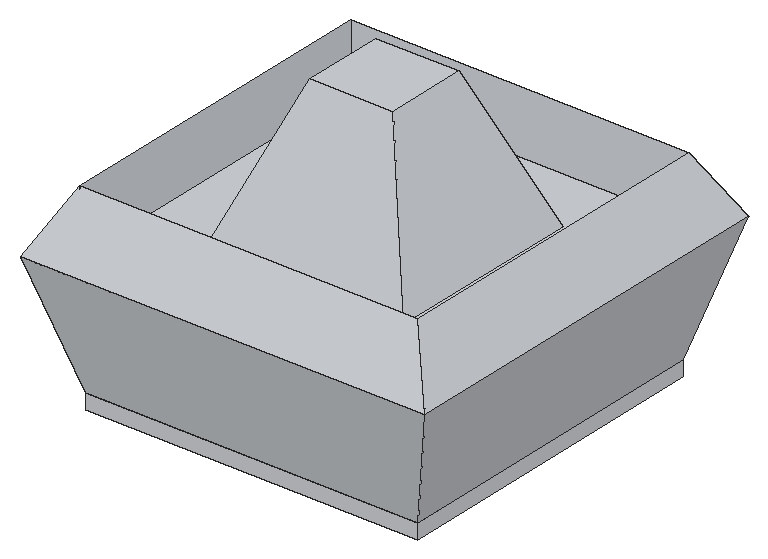
Revit family "15.1 Вытяжной крышный вентилятор KW 94-100", category Оборудование, Revit 2016
Family settings
  Тип детали = Нормальный
  Размер круглого соединителя = Использовать диаметр
  На основе рабочей плоскости = Нет
  Всегда вертикально = Да
  При загрузке вырезать с полостями = Нет
  Общий = Нет
  Точка расчета площади = Нет
Parameters (values of type "94/56-4D")
  отступ = А * 0.1  # 94.2 mm
  Ширина = А  # 942 mm
  Частотный преобразователь [instance] = no
  Частота вращения n, об/мин = "1400"
  Тип, марка, обозначение = "KW 94/56-4D"
  Теплопроизводительность, кВт = ""
  Сила тока J, А = "6,7"
  Регулятор расхода [instance] = no
  Раздел = "ОВ"
  Примечание = ""
  Позиция = ""
  Напряжение U,В = "3-380"
  Наименование и тех.хар-ка = "Вытяжной крышный вентилятор"  # constant formula
  Мощность, кВт = 3 W
  Материал = Сталь серая
  Масса единицы = "155 кг"
  З = А * 0.6  # 565.2 mm
  Ж = А * 0.25  # 235.5 mm
  Б2 = 810 mm
  Б1 = Б * 0.7  # 399 mm
  Код, оборудования = ""
  Ключевая пометка = "Вентиляция"
  Задание электрикам [instance] = no
  Задание автоматчикам [instance] = no
  Завод изготовитель = "KORF"  # constant formula
  Единица измерения = "шт."  # constant formula
  Б = 570 mm
  Высота = А  # 942 mm
  А1 = 1150 mm
  А = 942 mm
  h = 43 mm
Types (4, lengths in mm): name | отступ | Ширина | Частота вращения n, об/мин | Тип, марка, обозначение | Сила тока J, А | Мощность, кВт | Масса единицы | З | Ж | Б2 | Б1 | Б | Высота | А1 | А
  94/56-4D | 94.2 | 942 | "1400" | "KW 94/56-4D" | "6,7" | 3 W | "155 кг" | 565.2 | 235.5 | 810 | 399 | 570 | 942 | 1150 | 942
  94/63-4D | 94.2 | 942 | "1430" | "KW 94/63-4D" | "11.7" | 5.5 W | "205 кг" | 565.2 | 235.5 | 860 | 399 | 570 | 942 | 1150 | 942
  94/63-6D | 94.2 | 942 | "940" | "KW 94/63-6D" | "5.6" | 2.2 W | "185 кг" | 565.2 | 235.5 | 860 | 399 | 570 | 942 | 1150 | 942
  100/71-6D | 103.8 | 1038 | "940" | "KW 100/71-6D" | "5.6" | 2.2 W | "225 кг" | 622.8 | 259.5 | 905 | 458.5 | 655 | 1038 | 1345 | 1038
Reference planes
  plane 1 "По центру (Вперед/Назад)": y = 0
  plane 2: z = 0
  plane 3 "По центру (Влево/Вправо)": x = 0
  plane 4: x = -471
  plane 5: x = 471
  plane 6: y = -471
  plane 7: y = 471
  plane 8: x = -575
  plane 9: x = 575
  plane 10: y = -575
  plane 11: y = 575
  plane 12: z = 399
  plane 13: z = 43
  plane 14: z = 570
  plane 15: y = 480.8
  plane 16: y = -480.8
  plane 17: x = 480.8
  plane 18: x = -480.8
  plane 19: z = 810
  plane 20: y = 282.6
  plane 21: y = -282.6
  plane 22: y = -117.75
  plane 23: y = 117.75
  plane 24: x = -117.75
  plane 25: x = 117.75
  plane 26: x = 282.6
  plane 27: x = -282.6
Forms (mm)
  Extrusion 1, void, not visible
    sketch origin (-345, -245, 50) x (0, -1, 0) y (0, 0, -1)
      loop
        line (-477.965, -475) -> (-477.965, -450) -> (-528.913, -450) -> (-528.913, -475) -> (-477.965, -475)
    from -47.452 to 12
  Blend 2, solid, detail levels fine
    base sketch origin (0, 68.68, 0) x (1, 0, 0) y (0, 1, 0)
      loop
        line (-471, 402.32) -> (-471, -539.68) -> (471, -539.68) -> (471, 402.32) -> (-471, 402.32)
    top sketch origin (0, 68.68, 0) x (1, 0, 0) y (0, 1, 0)
      loop
        line (-575, 506.32) -> (-575, -643.68) -> (575, -643.68) -> (575, 506.32) -> (-575, 506.32)
    from 43 to 399
  Extrusion 3, solid, detail levels fine
    sketch origin (0, 0, 0) x (1, 0, 0) y (0, 1, 0)
      loop
        line (-471, 471) -> (-471, -471) -> (471, -471) -> (471, 471) -> (-471, 471)
    from 0 to 43
  Blend 4, solid, detail levels fine
    base sketch origin (0, 0, 0) x (1, 0, 0) y (0, 1, 0)
      loop
        line (-575, 575) -> (-575, -575) -> (575, -575) -> (575, 575) -> (-575, 575)
    top sketch origin (0, 0, 0) x (1, 0, 0) y (0, 1, 0)
      loop
        line (-480.8, 480.8) -> (-480.8, -480.8) -> (480.8, -480.8) -> (480.8, 480.8) -> (-480.8, 480.8)
    from 399 to 570
  Blend 5, void, detail levels fine
    base sketch origin (0, 0, 0) x (1, 0, 0) y (0, 1, 0)
      loop
        line (-480.8, 480.8) -> (-480.8, -480.8) -> (480.8, -480.8) -> (480.8, 480.8) -> (-480.8, 480.8)
    top sketch origin (0, 0, 0) x (1, 0, 0) y (0, 1, 0)
      loop
        line (-471, 471) -> (-471, -471) -> (471, -471) -> (471, 471) -> (-471, 471)
    from 570 to 399
  Blend 6, solid, detail levels fine
    base sketch origin (0, 0, 0) x (1, 0, 0) y (0, 1, 0)
      loop
        line (-282.6, 282.6) -> (-282.6, -282.6) -> (282.6, -282.6) -> (282.6, 282.6) -> (-282.6, 282.6)
    top sketch origin (0, 0, 0) x (1, 0, 0) y (0, 1, 0)
      loop
        line (-117.75, 117.75) -> (-117.75, -117.75) -> (117.75, -117.75) -> (117.75, 117.75) -> (-117.75, 117.75)
    from 399 to 810
Cuts and joins
  Blend 5 cuts Blend 4
Lines and regions (mm)
  model lines, detail levels coarse
    curve 1: line (-575, 575, 0) -> (575, 575, 0)
    curve 2: line (-575, -575, 0) -> (-575, 575, 0)
    curve 3: line (575, -575, 0) -> (-575, -575, 0)
    curve 4: line (575, 575, 0) -> (575, -575, 0)
    curve 5: circle (0, 0, 0) r 340 normal (0, 0, 1)
    curve 6: line (0, 340, 0) -> (-282.6, -189.043, 0)
    curve 7: line (0, 340, 0) -> (282.6, -189.043, 0)
    curve 8: line (-282.6, -189.043, 0) -> (282.6, -189.043, 0)
  model lines, not visible, detail levels coarse
    curve 9: circle (0, 0, 0) r 340 normal (0, 0, 1)
    curve 10: line (0, 340, 0) -> (-282.6, -189.043, 0)
    curve 11: line (0, 340, 0) -> (282.6, -189.043, 0)
    curve 12: line (-282.6, -189.043, 0) -> (282.6, -189.043, 0)
  model lines, detail levels medium
    curve 13: line (0, 575, 810) -> (0, -575, 810)
    curve 14: line (0, 575, 0) -> (0, 575, 810)
    curve 15: line (0, -575, 0) -> (0, 575, 0)
    curve 16: line (0, -575, 810) -> (0, -575, 0)
    curve 17: circle (0, 0, 399) r 300 normal (1, 0, 0)
    curve 18: line (0, 0, 699) -> (0, 281.908, 296.394)
    curve 19: line (0, 0, 699) -> (0, -281.908, 296.394)
    curve 20: line (0, 281.908, 296.394) -> (0, -281.908, 296.394)
  model lines, not visible, detail levels medium
    curve 21: circle (0, 0, 399) r 300 normal (1, 0, 0)
    curve 22: line (0, 0, 699) -> (0, 281.908, 296.394)
    curve 23: line (0, 0, 699) -> (0, -281.908, 296.394)
    curve 24: line (0, 281.908, 296.394) -> (0, -281.908, 296.394)
Dimensions and locks
  equal spacing: plane 7, plane 1 "По центру (Вперед/Назад)", plane 6
  "А": plane 7 to plane 6
  equal spacing: plane 4, plane 3 "По центру (Влево/Вправо)", plane 5
  "А": plane 4 to plane 5
  equal spacing: plane 10, plane 1 "По центру (Вперед/Назад)", plane 11
  "А1": plane 10 to plane 11
  equal spacing: plane 8, plane 3 "По центру (Влево/Вправо)", plane 9
  "А1": plane 8 to plane 9
  "Б": plane 14 to level
  "h": plane 13 to level
  "Б1": plane 12 to level
  "отступ": plane 8 to plane 18
  "отступ": plane 11 to plane 15
  "отступ": plane 17 to plane 9
  "отступ": plane 10 to plane 16
  "Б2": plane 19 to level
  equal spacing: plane 24, plane 3 "По центру (Влево/Вправо)", plane 25
  "Ж": plane 24 to plane 25
  equal spacing: plane 27, plane 3 "По центру (Влево/Вправо)", plane 26
  "З": plane 27 to plane 26
  equal spacing: plane 22, plane 1 "По центру (Вперед/Назад)", plane 23
  "Ж": plane 22 to plane 23
  equal spacing: plane 21, plane 1 "По центру (Вперед/Назад)", plane 20
  "З": plane 21 to plane 20
  aligned and locked: level to plane 2
  aligned and locked: Blend 2 to plane 7
  aligned and locked: Blend 2 sketch curve to plane 7
  aligned and locked: plane 4 to Blend 2 sketch curve
  aligned and locked: Blend 2 sketch curve to plane 6
  aligned and locked: Blend 2 sketch curve to plane 5
  aligned and locked: Blend 2 sketch curve to plane 9
  aligned and locked: Blend 2 sketch curve to plane 10
  aligned and locked: plane 8 to Blend 2 sketch curve
  aligned and locked: plane 11 to Blend 2 sketch curve
  aligned and locked: plane 12 to Blend 2
  aligned and locked: Blend 2 to plane 13
  aligned and locked: plane 7 to Extrusion 3
  aligned and locked: plane 6 to Extrusion 3
  aligned and locked: plane 5 to Extrusion 3
  aligned and locked: Extrusion 3 to plane 4
  aligned and locked: Extrusion 3 to Blend 2
  aligned and locked: Extrusion 3 to level
  aligned and locked: plane 11 to Blend 4 sketch curve
  aligned and locked: Blend 4 sketch curve to plane 9
  aligned and locked: Blend 4 sketch curve to plane 10
  aligned and locked: plane 8 to Blend 4 sketch curve
  aligned and locked: Blend 4 to plane 14
  aligned and locked: Blend 4 to Blend 2
  aligned and locked: Blend 4 sketch curve to plane 17
  aligned and locked: Blend 4 sketch curve to plane 15
  aligned and locked: Blend 4 sketch curve to plane 18
  aligned and locked: Blend 4 sketch curve to plane 16
  aligned and locked: Blend 5 sketch curve to plane 15
  aligned and locked: Blend 5 sketch curve to plane 17
  aligned and locked: Blend 5 sketch curve to plane 16
  aligned and locked: Blend 5 sketch curve to plane 18
  aligned and locked: Blend 5 sketch curve to plane 7
  aligned and locked: Blend 5 sketch curve to plane 5
  aligned and locked: Blend 5 sketch curve to plane 6
  aligned and locked: plane 4 to Blend 5 sketch curve
  aligned and locked: Blend 5 to plane 14
  aligned and locked: Blend 5 to Blend 2
  aligned and locked: plane 19 to Blend 6
  aligned and locked: Blend 6 to Blend 2
  aligned and locked: plane 20 to Blend 6 sketch curve
  aligned and locked: Blend 6 sketch curve to plane 26
  aligned and locked: Blend 6 sketch curve to plane 21
  aligned and locked: plane 27 to Blend 6 sketch curve
  aligned and locked: plane 23 to Blend 6 sketch curve
  aligned and locked: plane 24 to Blend 6 sketch curve
  aligned and locked: Blend 6 sketch curve to plane 22
  aligned and locked: Blend 6 sketch curve to plane 25
  aligned and locked: curve 1 to Blend 2
  aligned and locked: curve 2 to Blend 2
  aligned and locked: curve 3 to Blend 2
  aligned and locked: curve 4 to Blend 2
  aligned and locked: plane 19 to curve 13
  aligned and locked: curve 14 to plane 11
  aligned and locked: curve 15 to curve 2
  aligned and locked: plane 10 to curve 16
Automatic sketch dimensions
  Extrusion 3 sketch curve to plane 4 = 0 mm
  Extrusion 3 sketch curve to plane 5 = 0 mm
  plane 6 to Extrusion 3 sketch curve = 0 mm
  Extrusion 3 sketch curve to plane 7 = 0 mm
Nested families
  nested 1: "крепление 15мм" at (-330, 229.965, 495), type "крепление 15мм", not visible
Connectors
  hvac at (0, 0, 0), driven by "Ширина", driven by "Высота"
    settings: on Extrusion 3, index 1, duct flow 0.0 L/s, flow factor 0, pres drop 0.0 Pa, loss coef 0, conn angle 0.00°, conn width 942 mm, conn height 942 mm, conn diameter 609.6 mm, duct sys type 28, conn prof type 1, flow config 0, flow direction 0, loss method 0, conn ref index -1, conn util no, is conn primary yes, conn desc ""
Definition of nested family "крепление 15мм"
  Parameters (values of type "крепление 15мм")
    Материал крепления = none
  Reference planes
    plane 1 "По центру (Вперед/Назад)": y = 0
    plane 2: z = 0
    plane 3 "По центру (Влево/Вправо)": x = 0
  Forms (mm)
    Extrusion 1, solid, material <- "Материал крепления"
      sketch origin (0, 0, 0) x (1, 0, 0) y (0, 1, 0)
        loop
          line (-25, 0) -> (0, 0) -> (0, 18.31) -> (0, 25) -> (-3, 25) -> (-3, 3) -> (-25, 3) -> (-25, 0)
      from 0 to 30
    Extrusion 2, void
      sketch origin (0, 0, 0) x (1, 0, 0) y (0, 1, 0)
        loop
          line (-3, 3) -> (-3, 54.96) -> (-58, 54.96) -> (-58, 3) -> (-3, 3)
      from 0 to 15
  Cuts and joins
    Extrusion 2 cuts Extrusion 1
  Dimensions and locks
    Extrusion 1 sketch curve to Extrusion 1 sketch curve = 3 mm  (x2)
    Extrusion 1 sketch curve to Extrusion 1 sketch curve to plane 3 "По центру (Влево/Вправо)" = 25 mm, 0 mm
    Extrusion 1 sketch curve to Extrusion 1 sketch curve = 25 mm
    aligned and locked: level to plane 2
